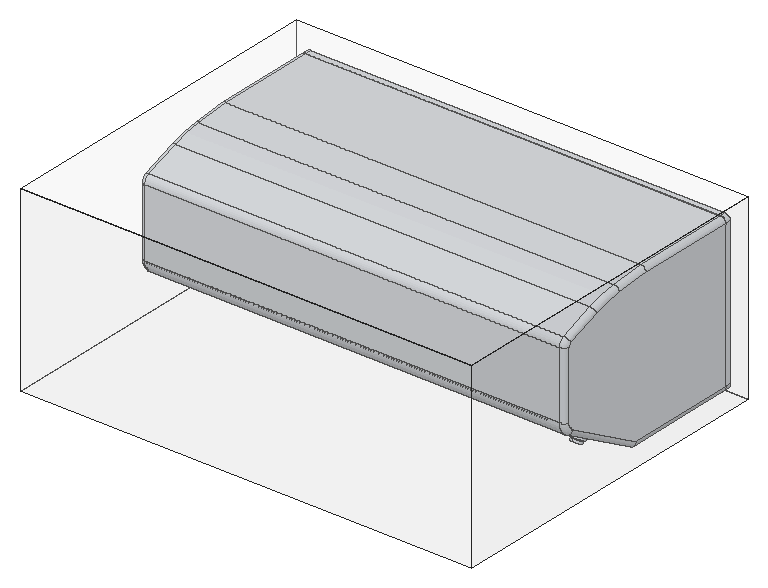
Revit family "msz-hxv25_8025_60hz", category 機械設備, Revit 2019
Family settings
  丸型コネクタ寸法 = 直径を使用
  種別 = なし
  パーツ タイプ = 標準
  OmniClass 番号 = 23.75.10.24.21.27.27
  OmniClass タイトル = Split System Air Conditioning Units
  作業面ベース = いいえ
  常に垂直 = はい
  ロード時にボイドで切り取り = いいえ
  共有 = いいえ
  部屋計算ポイント = はい
Parameters (values of type "壁掛_MSZ-HXV2525-W-IN")
  運転音(静冷房)  db = 34
  運転音(静暖房)  db = 39
  運転音(強暖房)  db = 62
  運転音(強冷房)  db = 61
  運転音(弱暖房)  db = 45
  運転音(弱冷房)  db = 46
  運転音(中暖房)  db = 50
  運転音(中冷房)  db = 51
  風量 = MAX風量  # 780 m³/h
  音響パワーレベル(dB) = if([運転音(強冷房)  db] > [運転音(強暖房)  db], [運転音(強冷房)  db], [運転音(強暖房)  db])  # 62
  電源種別 = ""
  電圧_電気ヒーター = 0 V
  電圧 = 100 V
  電動機出力_送風機 = 28 W
  運転質量 = 0.00 kg
  連動 = ""
  質量 = if(製品質量 > 運転質量, 製品質量, 運転質量) * 1.2  # 21.60 kg
  負荷分類 = 1_熱源類
  説明 = "ルームエアコン(霧ヶ峰) HXVシリーズ 室内ユニット"
  設計暖房能力 [instance] = 0 kW
  設計冷房能力_顕熱 [instance] = 0 kW
  設計冷房能力 [instance] = 0 kW
  設置方法 = "壁掛形"
  記号 [instance] = ""
  製造元 = "三菱電機株式会社"
  製品質量 = 18.00 kg
  製品出荷対象 = "国内"
  製品リリース年月 = ""
  製品グループ = ""
  系統 [instance] = ""
  符号 = "PAC"
  積算_科目 = "1 空気調和設備"
  積算_拾い区分 [instance] = ""
  相_電気ヒーター = 1
  相 = 1
  盤記号 [instance] = ""
  発停方法 = "付属スイッチ"
  特殊仕様 [instance] = ""
  火災停止 = ""
  消費電力_電気ヒーター = 0 W
  消費電力_暖房 = 590 W
  消費電力_冷房 = 500 W
  消費電力 = if(消費電力_冷房 > 消費電力_暖房, 消費電力_冷房, 消費電力_暖房)  # 590 W
  法定耐用年数 = "6"
  極数 = 1
  材質 [instance] = ""
  本体マテリアル = none
  有効加湿量 = 0
  最大電流値 = 0 A
  暖房能力 = 3.2 kW
  暖房 風量 = 780 m³/h
  推奨ブレーカー容量 = 20 A
  台数_冷媒分岐ユニット [instance] = ""
  冷房 風量 = 665 m³/h
  冷媒管長 [instance] = 0 mm
  価格 = 0
  形式_加湿器 = ""
  形式 = "壁掛 (露出)形"
  幹線記号 = ""
  室内機 = 室内機 : MSZ-HXV25*-W-IN
  始動方式 = "直入"
  呼称 = "パッケージ形空気調和機_室内機"
  周波数 = 60 Hz
  台数_手元リモコン = ""
  参照している仕様書等のバージョン = "公共建築工事標準仕様書（機械設備工事編）平成31年度版"
  加湿給水管径 = 0 mm
  分類コード = "5.0053E+13"
  分類グループ = ""
  冷房能力 = 2.5 kW
  冷媒高低圧ガス管径 = 0 mm
  冷媒管径符号 = "Ab"
  冷媒管径 = 100 mm
  冷媒液管径 = 6.35 mm
  冷媒ガス管径 = 9.52 mm
  企業コード = "108420"
  付属品 [instance] = ""
  仕様書バージョン = "Version1.0"
  モデル = "MSZ-HXV2525-W-IN"
  ドレン管径 = 16 mm
  サービススペース = yes
  コメント [instance] = ""
  【値が 0 の項目は組合せ形名にてご確認ください】 = ""
  Width = 799 mm
  Version = ""
  Uniclass2015Version = "Systems v1.9"
  Uniclass2015Title = "Split coil remote air cooled condensing units"
  Uniclass2015Code = "Pr_70_65_03_84"
  URL = "https://www.mitsubishielectric.co.jp/ldg/wink/"
  S寸法 = 0 mm
  SpecificationReference = ""
  SpecificationDescription = ""
  Revision = ""
  ProductInformation = ""
  OmniClassCode = "23-33 17 13 11"
  MAX風量 = if(冷房 風量 > 暖房 風量, 冷房 風量, 暖房 風量)  # 780 m³/h
  IfcTypeProduct = ""
  IfcProduct = ""
  IfcExportType = "AIRCONDITIONINGUNIT"
  IfcExportAs = "IfcUnitaryEquipmentType"
  Height = 295 mm
  Depth = 389 mm
  Clearance Top = 39 mm
  Clearance Right = 30 mm
  Clearance Left = 20 mm
  Clearance Front = 256 mm
  Clearance Bottom = 7 mm
  Clearance Back = 0 mm
  COP = 0
  Author = "三菱電機株式会社"
  APF = 0
Types (7, lengths in mm): name | 運転音(静冷房)  db | 運転音(静暖房)  db | 運転音(強暖房)  db | 運転音(強冷房)  db | 運転音(弱暖房)  db | 運転音(弱冷房)  db | 運転音(中暖房)  db | 運転音(中冷房)  db | 風量 | 音響パワーレベル(dB) | 電圧 | 電動機出力_送風機 | 質量 | 製品質量 | 消費電力_暖房 | 消費電力_冷房 | 消費電力 | 暖房能力 | 暖房 風量 | 推奨ブレーカー容量 | 冷房 風量 | 室内機 | 冷房能力 | 冷媒管径符号 | 冷媒ガス管径 | モデル | MAX風量
  壁掛_MSZ-HXV2525-W-IN | 34 | 39 | 62 | 61 | 45 | 46 | 50 | 51 | 780 m³/h | 62 | 100 V | 28 W | 21.60 kg | 18.00 kg | 590 W | 500 W | 590 W | 3.2 kW | 780 m³/h | 20 A | 665 m³/h | 室内機 : MSZ-HXV25*-W-IN | 2.5 kW | "Ab" | 9.52 | "MSZ-HXV2525-W-IN" | 780 m³/h
  壁掛_MSZ-HXV2825S-W-IN | 34 | 39 | 66 | 63 | 46 | 48 | 52 | 53 | 810 m³/h | 66 | 200 V | 40 W | 21.60 kg | 18.00 kg | 770 W | 580 W | 770 W | 4 kW | 810 m³/h | 15 A | 665 m³/h | 室内機 : MSZ-HXV28*-W-IN | 2.8 kW | "Ab" | 9.52 | "MSZ-HXV2825S-W-IN" | 810 m³/h
  壁掛_MSZ-HXV4025S-W-IN | 40 | 44 | 69 | 67 | 50 | 50 | 55 | 55 | 930 m³/h | 69 | 200 V | 40 W | 22.80 kg | 19.00 kg | 1430 W | 960 W | 1430 W | 6 kW | 930 m³/h | 20 A | 730 m³/h | 室内機 : MSZ-HXV40*S-W-IN | 4 kW | "Ab" | 9.52 | "MSZ-HXV4025S-W-IN" | 930 m³/h
  壁掛_MSZ-HXV5625S-W-IN | 44 | 46 | 71 | 68 | 51 | 51 | 56 | 56 | 940 m³/h | 71 | 200 V | 40 W | 22.80 kg | 19.00 kg | 1700 W | 1720 W | 1720 W | 6.7 kW | 940 m³/h | 20 A | 805 m³/h | 室内機 : MSZ-HXV56*S-W-IN | 5.6 kW | "Ab" | 9.52 | "MSZ-HXV5625S-W-IN" | 940 m³/h
  壁掛_MSZ-HXV6325S-W-IN | 44 | 47 | 71 | 69 | 52 | 52 | 57 | 57 | 960 m³/h | 71 | 200 V | 40 W | 22.80 kg | 19.00 kg | 1900 W | 2200 W | 2200 W | 7.1 kW | 960 m³/h | 20 A | 860 m³/h | 室内機 : MSZ-HXV63*S-W-IN | 6.3 kW | "Ac" | 12.7 | "MSZ-HXV6325S-W-IN" | 960 m³/h
  壁掛_MSZ-HXV7125S-W-IN | 44 | 47 | 72 | 70 | 52 | 52 | 57 | 57 | 1045 m³/h | 72 | 200 V | 40 W | 22.80 kg | 19.00 kg | 2350 W | 2500 W | 2500 W | 8.5 kW | 1045 m³/h | 20 A | 960 m³/h | 室内機 : MSZ-HXV71*S-W-IN | 7.1 kW | "Ac" | 12.7 | "MSZ-HXV7125S-W-IN" | 1045 m³/h
  壁掛_MSZ-HXV8025S-W-IN | 44 | 47 | 72 | 72 | 52 | 52 | 57 | 57 | 1045 m³/h | 72 | 200 V | 46 W | 22.80 kg | 19.00 kg | 2680 W | 2920 W | 2920 W | 9.5 kW | 1045 m³/h | 20 A | 960 m³/h | 室内機 : MSZ-HXV80*S-W-IN | 8 kW | "Ac" | 12.7 | "MSZ-HXV8025S-W-IN" | 1045 m³/h
Reference planes
  plane 1 "中心(正面/背面)": y = 0
  plane 2: z = 0
  plane 3 "中心(左/右)": x = 0
  plane 4: y = -650
  plane 5: x = -399.5
  plane 6: x = 399.5
  plane 7: x = 429.5
  plane 8: z = 0
  plane 9: z = 39
  plane 10: x = -419.5
  plane 11: z = -253
  plane 12: x = 332
  plane 13: z = -302
  plane 14: y = -199.5
  plane 15: y = -394
  plane 16: y = -5
  plane 17: z = -254
  plane 18: z = -295
  plane 19: y = 0
  plane 20: z = -284
  plane 21: z = -273
  plane 22: z = -385
Forms (mm)
  Extrusion 1, solid, detail levels fine
    sketch origin (-695, 194.999, 0) x (1, 0, 0) y (0, 0, 1)
      loop
        circle (1027, -253) r 10
    from 199.999 to 217.5
  Extrusion 2, solid, detail levels fine
    sketch origin (-695, 210.625, -30) x (1, 0, 0) y (0, 0, 1)
      loop
        circle (1027, -243) r 5
    from 215.625 to 220.625
Lines and regions (mm)
  Masking region 1, detail levels coarse+medium
    outline origin (0, 0, 0) x (1, 0, 0) y (0, 1, 0)
      loop
        line (399.5, 0) -> (-399.5, 0) -> (-399.5, -394) -> (399.5, -394) -> (399.5, 0)
Dimensions and locks
  equal spacing: plane 5, plane 3 "中心(左/右)", plane 6
  "Clearance Right": plane 6 to plane 7
  "Clearance Top": plane 9 to plane 8
  "Width": plane 5 to plane 6
  "Clearance Left": plane 10 to plane 5
  equal spacing: plane 15, plane 14, plane 16
  "Depth": plane 15 to plane 16
  "Clearance Front": plane 4 to plane 15
  nested 1 to plane 15 = 389 mm
  "Clearance Bottom": plane 18 to plane 13
  "Height": plane 8 to plane 18
  locked: plane 18 to plane 11 at 42
  locked: plane 18 to plane 17 at 41
  "Clearance Back": plane 1 "中心(正面/背面)" to plane 19
  locked: plane 20 to plane 17 at 30
  locked: plane 21 to plane 11 at 20
  plane 16 to plane 19 = 5 mm
  plane 4 to plane 19 = 650 mm
  plane 19 to plane 16 = 5 mm
  aligned and locked: plane 2 to level
  aligned and locked: plane 8 to nested 1  (x2)
  aligned and locked: nested 1 to plane 18  (x2)
  aligned and locked: level to plane 8
  aligned and locked: plane 9 to nested 2
  aligned and locked: plane 13 to nested 2
  aligned and locked: Masking region 1 sketch curve to plane 5
  aligned and locked: plane 15 to Masking region 1 sketch curve
  aligned and locked: Masking region 1 sketch curve to plane 19
  aligned and locked: plane 6 to Masking region 1 sketch curve
  aligned and locked: plane 16 to nested 1
  aligned and locked: plane 1 "中心(正面/背面)" to nested 2
  aligned and locked: plane 10 to nested 2
  aligned and locked: plane 7 to nested 2
  aligned and locked: plane 4 to nested 2
  aligned and locked: nested 1 to Extrusion 1
  aligned and locked: nested 1 to Extrusion 2
Automatic sketch dimensions
  Extrusion 1 sketch curve to plane 11 = 0 mm
  plane 12 to Extrusion 1 sketch curve = 0 mm
  plane 12 to Extrusion 2 sketch curve = 0 mm
  Extrusion 2 sketch curve to plane 21 = 0 mm
  radius of Extrusion 1 sketch curve = 10 mm
  radius of Extrusion 2 sketch curve = 5 mm
Nested families
  nested 1: "室内機" at (0, 0, -295), type <- "室内機", type "MSZ-HXV25*-W-IN", detail levels fine
  nested 2: "サービススペース" at (5, -325, -131.5), visible <- "サービススペース", type "サービススペース"
    with Width 849 mm, Height 341 mm, Depth 650 mm
Connectors
  piping at (332, -5, -253), diameter 100, driven by "冷媒管径", driven by "冷媒管径符号"
    settings: on Extrusion 1, index 7, connector inside diameter 609.6 mm, connector length 0 mm, flow factor 0, pipe flow 0.0 L/s, pressure drop 0.0 Pa, fitting loss kfactor 0, connector angle 0.00°, fixture units 0, engagement length 0 mm, angle of deflection 0.00°, flow configuration 1, flow direction 1, fitting loss method 4, system type 7, joint type 0, gender type 0, connector reference index -1, connector utility 0, adjustable connector no, is connector primary yes, connector description "Ab"
  piping at (332, -5, -273), diameter 16, driven by "ドレン管径"
    settings: on Extrusion 2, index 8, connector inside diameter 609.6 mm, connector length 0 mm, flow factor 0, pipe flow 0.0 L/s, pressure drop 0.0 Pa, fitting loss kfactor 0, connector angle 0.00°, fixture units 0, engagement length 0 mm, angle of deflection 0.00°, flow configuration 1, flow direction 2, fitting loss method 4, system type 16, joint type 0, gender type 0, connector reference index -1, connector utility 0, adjustable connector no, is connector primary no, connector description ""
  electrical at (0, -5, -147.5), driven by "負荷分類", driven by "電圧", driven by "消費電力"
    settings: on nested 1, index 10, voltage 100 V, apparent load 590 VA, apparent load phase1 0 VA, apparent load phase2 0 VA, apparent load phase3 0 VA, power factor 1, load classification "1_熱源類", number of poles 1, system type 30, power factor state 1, is connector primary yes, connector utility no, sub classification motor no, connector description ""
Definition of nested family "室内機"
  Parameters (values of type "MSZ-ZXV9023S-W-IN")
    Width = 799 mm
    Height = 295 mm
    Depth = 394 mm
  Types (12): name
    MSZ-ZXV9023S-W-IN
    MSZ-ZXV8023S-W-IN
    MSZ-ZXV7123S-W-IN
    MSZ-ZXV6323S-W-IN
    MSZ-ZXV5623S-W-IN
    MSZ-ZXV4023S-W-IN
    MSZ-ZXV3623S-W-IN
    MSZ-ZXV3623-W-IN
    MSZ-ZXV2823S-W-IN
    MSZ-ZXV2823-W-IN
    MSZ-ZXV2523-W-IN
    MSZ-ZXV2223-W-IN
  Reference planes
    plane 1 "中心(正面/背面)": y = 0
    plane 2: z = 0
    plane 3 "中心(左/右)": x = 0
    plane 4: y = -5
    plane 5: x = 399.5
    plane 6: x = -399.5
    plane 7: y = -394
    plane 8: z = 295
    plane 9: x = 379.5
    plane 10: y = -385
    plane 11: y = -394
    plane 12: z = 42
    plane 13: z = 295
    plane 14: z = 273
    plane 15: x = 352
    plane 16: x = -352
    plane 17: x = 399
    plane 18: x = 335
    plane 19: z = 253
    plane 20: x = 225
    plane 21: x = -225
    plane 22: x = 280
    plane 23: x = 155
    plane 24: z = 263
    plane 25: z = 243
  Forms (mm)
    Extrusion 1, solid
      sketch origin (0, 4, 0) x (0, 1, 0) y (0, 0, 1)
        loop
          line (-20, 284.987) -> (-212.516, 284.987) -> (-267.726, 279.494)
          arc (-267.726, 279.494) -> (-294.837, 275.073) -> (-321.185, 267.308) r 219.987
          line (-321.185, 267.308) -> (-384.718, 244.184)
          arc (-384.718, 244.184) -> (-387.098, 242.358) -> (-388, 239.497) r 4.987
          line (-388, 239.497) -> (-388, 112.321)
          arc (-388, 112.321) -> (-385.322, 102.327) -> (-378.006, 95.011) r 19.987
          line (-378.006, 95.011) -> (-230.785, 10.013) -> (-20, 10.013) -> (-20, 284.987)
      from -399.5 to 399.5
    Sweep 2, solid
      path origin (390, 4, 0) x (0, 1, 0) y (0, 0, 1)
        loop
          line (-20, 295) -> (-208.013, 295) -> (-270.599, 288.772)
          arc (-270.599, 288.772) -> (-298.943, 284.15) -> (-326.49, 276.032) r 230
          line (-326.49, 276.032) -> (-388.143, 253.592)
          arc (-388.143, 253.592) -> (-395.3, 248.101) -> (-398.013, 239.497) r 15
          line (-398.013, 239.497) -> (-398.013, 112.321)
          arc (-398.013, 112.321) -> (-393.993, 97.321) -> (-383.013, 86.34) r 30
          line (-383.013, 86.34) -> (-233.468, 0) -> (-20, 0)
      profile origin (390, -110.006, 295) x (0, 0, -1) y (1, 0, 0)
        loop
          arc (10.013, 9.5) -> (3.113, 6.75) -> (0.013, 0) r 10
          line (0.013, 0) -> (0.013, -780)
          arc (0.013, -780) -> (3.113, -786.75) -> (10.013, -789.5) r 10
          line (10.013, -789.5) -> (10.013, 9.5)
    Extrusion 3, solid
      sketch origin (0, 0, 0) x (1, 0, 0) y (0, 0, 1)
        loop
          line (-399.5, 285) -> (-399.5, 10)
          arc (-399.5, 10) -> (-396.746, 3.108) -> (-390, 0.013) r 10
          line (-390, 0.013) -> (390, 0.013)
          arc (390, 0.013) -> (396.746, 3.108) -> (399.5, 10) r 10
          line (399.5, 10) -> (399.5, 285)
          arc (399.5, 285) -> (396.746, 291.892) -> (390, 294.987) r 10
          line (390, 294.987) -> (-390, 294.987)
          arc (-390, 294.987) -> (-396.746, 291.892) -> (-399.5, 285) r 10
      from 16 to 5
    Revolve 4, solid
      sketch origin (367, -58.632, -153.367) x (0, 0.866025, -0.5) y (0, 0.5, 0.866025)
        loop
          line (-330.479, 56.396) -> (-330.479, 42.304) -> (-323.593, 42.304) -> (-323.593, 35.722) -> (-320.593, 35.722) -> (-320.593, 40.304)
          arc (-320.593, 40.304) -> (-320.007, 41.718) -> (-318.593, 42.304) r 2
          line (-318.593, 42.304) -> (-317.593, 42.304) -> (-317.593, 56.396) -> (-330.479, 56.396)
        axis (-330.479, 35.722) -> (-330.479, 56.396)
      angle from 0 to 360
    Extrusion 5, void
      sketch origin (0, -129.013, 230.692) x (1, 0, 0) y (0, -0.866025, 0.5)
        loop
          line (-383, 2) -> (-8.5, 2) -> (-8.5, 52) -> (-383, 52) -> (-383, 2)
        loop
          line (-385, 54) -> (-385, 0) -> (385, 0) -> (385, 54) -> (-385, 54)
        loop
          line (383, 2) -> (383, 52) -> (-6.5, 52) -> (-6.5, 2) -> (383, 2)
      from 250 to 244.836
    Extrusion 6, solid
      sketch origin (0, 0, 0) x (1, 0, 0) y (0, 0, 1)
        loop
          line (-285, 0) -> (285, 0) -> (285, 70)
          arc (285, 70) -> (292.322, 87.678) -> (310, 95) r 25
          arc (310, 95) -> (327.678, 102.322) -> (335, 120) r 25
          line (335, 120) -> (335, 273) -> (295, 273) -> (295, 278)
          arc (295, 278) -> (293.536, 281.536) -> (290, 283) r 5
          line (290, 283) -> (270, 283)
          arc (270, 283) -> (266.464, 281.536) -> (265, 278) r 5
          line (265, 278) -> (265, 273) -> (119.535, 273) -> (70.033, 253) -> (24.949, 253) -> (10, 290) -> (0, 290) -> (-10, 290) -> (-24.949, 253) -> (-105.033, 253) -> (-154.535, 273) -> (-265, 273) -> (-265, 278)
          arc (-265, 278) -> (-266.464, 281.536) -> (-270, 283) r 5
          line (-270, 283) -> (-290, 283)
          arc (-290, 283) -> (-293.536, 281.536) -> (-295, 278) r 5
          line (-295, 278) -> (-295, 273) -> (-335, 273) -> (-335, 120)
          arc (-335, 120) -> (-327.678, 102.322) -> (-310, 95) r 25
          arc (-310, 95) -> (-292.322, 87.678) -> (-285, 70) r 25
          line (-285, 70) -> (-285, 0)
        loop
          line (230.5, 248.5) -> (230.5, 257.5)
          arc (230.5, 257.5) -> (225, 263) -> (219.5, 257.5) r 5.5
          line (219.5, 257.5) -> (219.5, 248.5)
          arc (219.5, 248.5) -> (225, 243) -> (230.5, 248.5) r 5.5
        loop
          arc (-220.5, 247.5) -> (-215, 253) -> (-220.5, 258.5) r 5.5
          line (-220.5, 258.5) -> (-229.5, 258.5)
          arc (-229.5, 258.5) -> (-235, 253) -> (-229.5, 247.5) r 5.5
          line (-229.5, 247.5) -> (-220.5, 247.5)
        loop
          line (-105, 10) -> (105, 10)
          arc (105, 10) -> (155, 60) -> (105, 110) r 50
          line (105, 110) -> (-105, 110)
          arc (-105, 110) -> (-155, 60) -> (-105, 10) r 50
        loop
          line (305, 243) -> (255, 243) -> (255, 188) -> (261.875, 188)
          arc (261.875, 188) -> (265.887, 200.215) -> (267.245, 213) r 60.879
          line (267.245, 213) -> (292.755, 213)
          arc (292.755, 213) -> (294.113, 200.215) -> (298.125, 188) r 60.879
          line (298.125, 188) -> (305, 188) -> (305, 243)
        loop
          line (-305, 243) -> (-305, 188) -> (-298.125, 188)
          arc (-298.125, 188) -> (-294.113, 200.215) -> (-292.755, 213) r 60.879
          line (-292.755, 213) -> (-267.245, 213)
          arc (-267.245, 213) -> (-265.887, 200.215) -> (-261.875, 188) r 60.879
          line (-261.875, 188) -> (-255, 188) -> (-255, 243) -> (-305, 243)
      from 0 to 5
  Cuts and joins
    Extrusion 5 cuts Extrusion 1
    Extrusion 5 cuts Sweep 2
    joined: Sweep 2, Revolve 4
    Extrusion 5 cuts Extrusion 3
  Lines and regions (mm)
    model lines
      curve 1: line (-349.5, -121, 294.987) -> (-349.5, -181, 294.987)
      curve 2: line (-349.5, -189.013, 294.987) -> (349.5, -189.013, 294.987)
      curve 3: line (-349.5, -131, 294.987) -> (349.5, -131, 294.987)
      curve 4: line (349.5, -121, 294.987) -> (349.5, -181, 294.987)
      curve 5: line (-249.643, -121, 294.987) -> (-249.643, -181, 294.987)
      curve 6: line (-149.786, -121, 294.987) -> (-149.786, -181, 294.987)
      curve 7: line (-49.929, -121, 294.987) -> (-49.929, -181, 294.987)
      curve 8: line (49.929, -121, 294.987) -> (49.929, -181, 294.987)
      curve 9: line (149.786, -121, 294.987) -> (149.786, -181, 294.987)
      curve 10: line (249.643, -121, 294.987) -> (249.643, -181, 294.987)
      curve 11: line (-349.5, -151, 294.987) -> (349.5, -151, 294.987)
      curve 12: line (-349.5, -179.013, 294.987) -> (349.5, -179.013, 294.987)
      curve 13: line (-349.5, -161, 294.987) -> (349.5, -161, 294.987)
      curve 14: line (-349.5, -141, 294.987) -> (349.5, -141, 294.987)
      curve 15: line (-349.5, -121, 294.987) -> (349.5, -121, 294.987)
      curve 16: line (-349.5, -46, 294.987) -> (-349.5, -106, 294.987)
      curve 17: line (-349.5, -106, 294.987) -> (349.5, -106, 294.987)
      curve 18: line (-349.5, -56, 294.987) -> (349.5, -56, 294.987)
      curve 19: line (349.5, -46, 294.987) -> (349.5, -106, 294.987)
      curve 20: line (-249.643, -46, 294.987) -> (-249.643, -106, 294.987)
      curve 21: line (-149.786, -46, 294.987) -> (-149.786, -106, 294.987)
      curve 22: line (-49.929, -46, 294.987) -> (-49.929, -106, 294.987)
      curve 23: line (49.929, -46, 294.987) -> (49.929, -106, 294.987)
      curve 24: line (149.786, -46, 294.987) -> (149.786, -106, 294.987)
      curve 25: line (249.643, -46, 294.987) -> (249.643, -106, 294.987)
      curve 26: line (-349.5, -76, 294.987) -> (349.5, -76, 294.987)
      curve 27: line (-349.5, -96, 294.987) -> (349.5, -96, 294.987)
      curve 28: line (-349.5, -86, 294.987) -> (349.5, -86, 294.987)
      curve 29: line (-349.5, -66, 294.987) -> (349.5, -66, 294.987)
      curve 30: line (-349.5, -46, 294.987) -> (349.5, -46, 294.987)
  Dimensions and locks
    equal spacing: plane 6, plane 3 "中心(左/右)", plane 5
    "Width": plane 6 to plane 5
    "Depth": plane 7 to plane 1 "中心(正面/背面)"
    "Height": plane 8 to level
    plane 6 to curve 1 = 50 mm
    locked: plane 4 to plane 1 "中心(正面/背面)" at 5
    cut or joined group of Extrusion 3, Extrusion 5 to plane 7 = 389 mm
    cut or joined group of Extrusion 3, Extrusion 5 to plane 11 = 389 mm
    plane 7 to cut or joined group of Extrusion 3, Extrusion 5 = 389 mm
    plane 13 to plane 12 = 253 mm
    plane 13 to plane 14 = 22 mm
    plane 18 to plane 17 = 64 mm
    plane 17 to plane 15 = 47 mm
    plane 19 to plane 12 = 211 mm
    plane 14 to plane 12 = 231 mm
    plane 19 to Extrusion 6 sketch curve = 65 mm
    plane 24 to plane 25 = 20 mm
    aligned and locked: level to plane 2
    aligned and locked: Extrusion 3 to Extrusion 1
    aligned and locked: cut or joined group of Extrusion 3, Extrusion 5 to plane 4
    aligned and locked: plane 4 to cut or joined group of Extrusion 3, Extrusion 5
    aligned and locked: plane 7 to cut or joined group of Sweep 2, Revolve 4, Extrusion 5
    aligned and locked: Extrusion 6 to plane 1 "中心(正面/背面)"
    aligned and locked: plane 4 to Extrusion 6
  Automatic sketch dimensions
    Extrusion 3 sketch curve to plane 6 = 0 mm
    Extrusion 3 sketch curve to plane 5 = 0 mm
    Extrusion 3 sketch curve to plane 8 = 0.013 mm
    plane 6 to Extrusion 3 sketch curve = 9.5 mm  (x2)
    level to Extrusion 3 sketch curve = 0.013 mm
    level to Extrusion 3 sketch curve = 10 mm
    Extrusion 3 sketch curve to Extrusion 3 sketch curve = 0.5 mm
    Extrusion 3 sketch curve to plane 5 = 10 mm  (x2)
    Extrusion 3 sketch curve to plane 5 = 9.5 mm  (x2)
    level to Revolve 4 sketch curve = 60.713 mm
    Revolve 4 sketch curve to plane 7 = 77.363 mm
    Revolve 4 sketch curve to Revolve 4 sketch curve = 6.886 mm
    Revolve 4 sketch curve to Revolve 4 sketch curve = 3 mm
    Revolve 4 sketch curve to Revolve 4 sketch curve = 2 mm
    Revolve 4 sketch curve to Revolve 4 sketch curve = 12.886 mm
    Revolve 4 sketch curve to Revolve 4 sketch curve = 14.091 mm
    Revolve 4 sketch curve to Revolve 4 sketch curve = 0 mm  (x2)
    Revolve 4 sketch curve to Revolve 4 sketch curve = 4.583 mm
    Revolve 4 sketch curve to Revolve 4 sketch curve = 6.134 mm
    Revolve 4 sketch curve to Revolve 4 sketch curve = 3.815 mm
    plane 6 to Extrusion 5 sketch curve = 14.5 mm
    Extrusion 5 sketch curve to Extrusion 5 sketch curve = 2 mm  (x5)
    Extrusion 5 sketch curve to plane 3 "中心(左/右)" = 8.5 mm
    plane 9 to Extrusion 5 sketch curve = 3.5 mm
    Extrusion 5 sketch curve to Extrusion 5 sketch curve = 0 mm
    Extrusion 5 sketch curve to Extrusion 5 sketch curve = 50 mm  (x2)
    curve 1 to curve 1 = 60 mm  (x2)
    Extrusion 1 sketch curve to plane 7 = 10 mm
    Extrusion 1 sketch curve to Extrusion 1 sketch curve = 3.282 mm
    Extrusion 1 sketch curve to Extrusion 1 sketch curve = 1.706 mm
    Extrusion 1 sketch curve to Extrusion 1 sketch curve = 9.994 mm  (x2)
    Extrusion 1 sketch curve to plane 8 = 27.692 mm
    Extrusion 1 sketch curve to Extrusion 1 sketch curve = 63.534 mm
    Extrusion 1 sketch curve to plane 8 = 15.506 mm
    Extrusion 1 sketch curve to Extrusion 1 sketch curve = 53.458 mm
    level to Extrusion 1 sketch curve = 60.587 mm
    level to Extrusion 1 sketch curve = 10.013 mm
    Extrusion 1 sketch curve to Extrusion 1 sketch curve = 15.16 mm
    Extrusion 1 sketch curve to plane 8 = 10.013 mm
    Extrusion 1 sketch curve to Extrusion 1 sketch curve = 55.211 mm
    plane 4 to Extrusion 1 sketch curve = 11 mm
    level to Extrusion 1 sketch curve = 95.011 mm
    Extrusion 1 sketch curve to plane 8 = 55.503 mm
    plane 7 to Sweep 2 sketch curve = 0.013 mm
    Sweep 2 sketch curve to level = 0 mm
    Sweep 2 sketch curve to plane 8 = 0 mm
    Sweep 2 sketch curve to plane 7 = 9.857 mm
    Sweep 2 sketch curve to plane 7 = 14.987 mm  (x2)
    Sweep 2 sketch curve to plane 7 = 29.987 mm
    Sweep 2 sketch curve to plane 8 = 18.968 mm
    Sweep 2 sketch curve to Sweep 2 sketch curve = 61.652 mm
    Sweep 2 sketch curve to plane 8 = 6.228 mm
    Sweep 2 sketch curve to Sweep 2 sketch curve = 55.891 mm
    level to Sweep 2 sketch curve = 59.903 mm
    Sweep 2 sketch curve to Sweep 2 sketch curve = 14.358 mm
    Sweep 2 sketch curve to Sweep 2 sketch curve = 62.587 mm
    level to Sweep 2 sketch curve = 86.34 mm
    Sweep 2 sketch curve to plane 8 = 55.503 mm
    plane 4 to Sweep 2 sketch curve = 11 mm  (x2)
    Sweep 2 sketch curve to profile plane = 0 mm
    Sweep 2 sketch curve to profile plane = 0.013 mm
    Sweep 2 sketch curve to profile plane = 10 mm  (x2)
    Sweep 2 sketch curve to profile plane = 0.5 mm
    profile plane to Sweep 2 sketch curve = 9.5 mm
    Sweep 2 sketch curve to Sweep 2 sketch curve = 779 mm
    Sweep 2 sketch curve to Sweep 2 sketch curve = 0.5 mm
    Sweep 2 to curve 30 = 30 mm
    curve 2 to Sweep 2 = 14.999 mm
    Sweep 2 to curve 2 = 40.5 mm
    curve 30 to curve 18 = 10 mm
    curve 18 to curve 29 = 10 mm
    curve 29 to curve 26 = 10 mm
    curve 26 to curve 28 = 10 mm
    curve 28 to curve 27 = 10 mm
    curve 27 to curve 15 = 25 mm
    curve 17 to curve 15 = 15 mm
    curve 17 to curve 3 = 25 mm
    curve 3 to curve 14 = 10 mm
    curve 14 to curve 11 = 10 mm
    curve 11 to curve 13 = 10 mm
    curve 12 to curve 2 = 10 mm
    Sweep 2 to curve 30 = 40.5 mm
    Sweep 2 to curve 3 = 40.5 mm
    curve 29 to curve 30 = 0 mm
    curve 11 to curve 3 = 0 mm
    curve 28 to curve 29 = 0 mm
    curve 12 to curve 2 = 0 mm
    curve 27 to curve 28 = 0 mm
    curve 13 to curve 11 = 0 mm
    curve 26 to curve 28 = 0 mm
    curve 14 to curve 3 = 0 mm
    curve 18 to curve 29 = 0 mm
    curve 15 to curve 27 = 0 mm
    curve 17 to curve 15 = 0 mm  (x2)
    Sweep 2 to curve 15 = 40.5 mm
    curve 14 to curve 17 = 0 mm
    Sweep 2 to curve 18 = 40.5 mm
    curve 13 to curve 14 = 0 mm
    curve 26 to curve 18 = 0 mm
    curve 12 to curve 13 = 0 mm
    curve 27 to curve 15 = 0 mm
    curve 11 to curve 13 = 0 mm
    curve 28 to curve 26 = 0 mm
    curve 3 to curve 17 = 0 mm
    curve 29 to curve 18 = 0 mm
    curve 2 to curve 12 = 0 mm
    curve 30 to curve 18 = 0 mm
    curve 19 to plane 9 = 30 mm
    plane 4 to curve 16 = 41 mm
    curve 4 to curve 19 = 0 mm
    curve 19 to curve 25 = 99.857 mm
    curve 10 to curve 25 = 0 mm
    plane 4 to curve 24 = 41 mm
    curve 25 to curve 24 = 99.857 mm
    curve 9 to curve 24 = 0 mm
    plane 3 "中心(左/右)" to curve 8 = 49.929 mm
    plane 3 "中心(左/右)" to curve 23 = 49.929 mm
    curve 7 to plane 3 "中心(左/右)" = 49.929 mm
    curve 22 to plane 3 "中心(左/右)" = 49.929 mm
    curve 7 to curve 6 = 99.857 mm
    curve 21 to curve 6 = 0 mm
    plane 4 to curve 20 = 41 mm
    curve 21 to curve 20 = 99.857 mm
    curve 5 to curve 20 = 0 mm
    plane 6 to curve 16 = 50 mm
    plane 6 to curve 1 = 50 mm
    plane 4 to curve 25 = 41 mm
    plane 4 to curve 21 = 41 mm
    plane 4 to curve 23 = 41 mm
    plane 4 to curve 22 = 41 mm
    plane 4 to curve 19 = 41 mm
    curve 23 to curve 23 = 60 mm
    curve 20 to curve 20 = 60 mm
    curve 24 to curve 24 = 60 mm
    curve 19 to curve 19 = 60 mm
    curve 21 to curve 21 = 60 mm
    curve 22 to curve 22 = 60 mm
    curve 16 to curve 16 = 60 mm
    curve 25 to curve 25 = 60 mm
    curve 16 to curve 1 = 15 mm
    curve 25 to curve 10 = 15 mm
    curve 20 to curve 5 = 15 mm
    curve 24 to curve 9 = 15 mm
    curve 21 to curve 6 = 15 mm
    curve 23 to curve 8 = 15 mm
    curve 22 to curve 7 = 15 mm
    curve 19 to curve 4 = 15 mm
    curve 8 to curve 8 = 60 mm
    curve 5 to curve 5 = 60 mm
    curve 9 to curve 9 = 60 mm
    curve 4 to curve 4 = 60 mm
    curve 6 to curve 6 = 60 mm
    curve 7 to curve 7 = 60 mm
    curve 10 to curve 10 = 60 mm
    Extrusion 6 sketch curve to plane 14 = 0 mm  (x4)
    Extrusion 6 sketch curve to plane 25 = 0 mm  (x2)
    Extrusion 6 sketch curve to level = 0 mm
    Extrusion 6 sketch curve to plane 19 = 0 mm  (x3)
    Extrusion 6 sketch curve to plane 3 "中心(左/右)" = 0 mm
    Extrusion 6 sketch curve to plane 20 = 0 mm
    plane 18 to Extrusion 6 sketch curve = 0 mm
    Extrusion 6 sketch curve to plane 16 = 1.635 mm
    plane 16 to Extrusion 6 sketch curve = 17 mm
    Extrusion 6 sketch curve to Extrusion 6 sketch curve = 25 mm  (x3)
    Extrusion 6 sketch curve to Extrusion 6 sketch curve = 30 mm
    Extrusion 6 sketch curve to Extrusion 6 sketch curve = 6.875 mm  (x3)
    plane 14 to Extrusion 6 sketch curve = 5 mm  (x3)
    Extrusion 6 sketch curve to Extrusion 6 sketch curve = 10 mm
    Extrusion 6 sketch curve to Extrusion 6 sketch curve = 5.37 mm  (x3)
    Extrusion 6 sketch curve to Extrusion 6 sketch curve = 5 mm  (x3)
    plane 21 to Extrusion 6 sketch curve = 60 mm
    Extrusion 6 sketch curve to Extrusion 6 sketch curve = 20 mm
    Extrusion 6 sketch curve to Extrusion 6 sketch curve = 25.51 mm
    plane 21 to Extrusion 6 sketch curve = 30 mm
    plane 21 to Extrusion 6 sketch curve = 4.5 mm
    Extrusion 6 sketch curve to plane 21 = 4.5 mm
    Extrusion 6 sketch curve to plane 21 = 18.635 mm
    Extrusion 6 sketch curve to Extrusion 6 sketch curve = 65.965 mm
    Extrusion 6 sketch curve to Extrusion 6 sketch curve = 49.502 mm
    plane 12 to Extrusion 6 sketch curve = 18 mm
    Extrusion 6 sketch curve to plane 3 "中心(左/右)" = 105 mm
    Extrusion 6 sketch curve to plane 3 "中心(左/右)" = 24.949 mm
    Extrusion 6 sketch curve to plane 3 "中心(左/右)" = 10 mm
    plane 3 "中心(左/右)" to Extrusion 6 sketch curve = 10 mm
    plane 3 "中心(左/右)" to Extrusion 6 sketch curve = 24.949 mm
    Extrusion 6 sketch curve to Extrusion 6 sketch curve = 45.084 mm
    Extrusion 6 sketch curve to plane 23 = 50 mm
    Extrusion 6 sketch curve to plane 23 = 35.465 mm
    Extrusion 6 sketch curve to plane 20 = 18.635 mm
    plane 22 to Extrusion 6 sketch curve = 25 mm
    plane 22 to Extrusion 6 sketch curve = 15 mm
    plane 22 to Extrusion 6 sketch curve = 12.755 mm
    Extrusion 6 sketch curve to plane 22 = 5 mm
    Extrusion 6 sketch curve to plane 22 = 10 mm
    Extrusion 6 sketch curve to plane 22 = 12.755 mm
    plane 18 to Extrusion 6 sketch curve = 25 mm
    plane 15 to Extrusion 6 sketch curve = 1.635 mm
    level to Extrusion 6 sketch curve = 10 mm
    plane 12 to Extrusion 6 sketch curve = 28 mm  (x2)
    Extrusion 6 sketch curve to plane 25 = 55 mm
    plane 25 to Extrusion 6 sketch curve = 4.5 mm
    Extrusion 6 sketch curve to plane 19 = 4.5 mm
    plane 19 to Extrusion 6 sketch curve = 4.5 mm
    Extrusion 6 sketch curve to plane 8 = 5 mm
    Extrusion 6 sketch curve to plane 20 = 5.5 mm
Definition of nested family "サービススペース"
  Parameters (values of type "サービススペース")
    Width [instance] = 500 mm
    Height [instance] = 500 mm
    Depth [instance] = 500 mm
  Reference planes
    plane 1 "中心(正面/背面)": y = 0
    plane 2: z = 0
    plane 3 "中心(左/右)": x = 0
    plane 4: y = -250
    plane 5: x = 250
    plane 6: y = 250
    plane 7: x = -250
    plane 8: z = 250
    plane 9: z = -250
  Forms (mm)
    Extrusion 1, solid
      sketch origin (-638.939, 0, 72.39) x (1, 0, 0) y (0, 1, 0)
        loop
          line (388.939, 250) -> (388.939, -250) -> (888.939, -250) -> (888.939, 250) -> (388.939, 250)
      from -322.39 to 177.61
  Lines and regions (mm)
    symbolic lines
      curve 1: line (-250, 0, 250) -> (250, 0, 250)
      curve 2: line (-250, 0, -250) -> (-250, 0, 250)
      curve 3: line (250, 0, -250) -> (-250, 0, -250)
      curve 4: line (250, 0, 250) -> (250, 0, -250)
      curve 5: line (0, -250, 250) -> (0, 250, 250)
      curve 6: line (0, -250, -250) -> (0, -250, 250)
      curve 7: line (0, 250, -250) -> (0, -250, -250)
      curve 8: line (0, 250, 250) -> (0, 250, -250)
      curve 9: line (-250, 250, 0) -> (250, 250, 0)
      curve 10: line (-250, -250, 0) -> (-250, 250, 0)
      curve 11: line (250, -250, 0) -> (-250, -250, 0)
      curve 12: line (250, 250, 0) -> (250, -250, 0)
  Dimensions and locks
    equal spacing: plane 7, plane 3 "中心(左/右)", plane 5
    equal spacing: plane 4, plane 1 "中心(正面/背面)", plane 6
    "Depth": plane 4 to plane 6
    "Width": plane 7 to plane 5
    equal spacing: plane 8, plane 2, plane 9
    "Height": plane 8 to plane 9
    aligned and locked: plane 9 to curve 3
    aligned and locked: plane 7 to curve 2
    aligned and locked: curve 4 to plane 5
    aligned and locked: plane 5 to Extrusion 1
    aligned and locked: Extrusion 1 to plane 7
    aligned and locked: Extrusion 1 to plane 9
    aligned and locked: plane 8 to Extrusion 1
    aligned and locked: plane 9 to curve 7
  Automatic sketch dimensions
    plane 4 to Extrusion 1 sketch curve = 0 mm
    Extrusion 1 sketch curve to plane 7 = 0 mm
    Extrusion 1 sketch curve to plane 5 = 0 mm
    plane 6 to Extrusion 1 sketch curve = 0 mm
    curve 2 to plane 8 = 0 mm
    plane 4 to curve 11 = 0 mm
    curve 11 to plane 7 = 0 mm
    curve 11 to plane 5 = 0 mm
    plane 6 to curve 10 = 0 mm
    curve 7 to plane 4 = 0 mm
    curve 7 to plane 6 = 0 mm
    curve 6 to plane 8 = 0 mm
